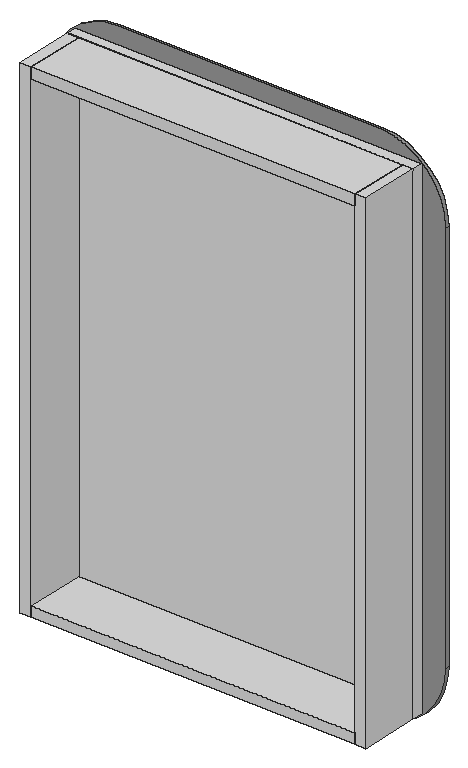
Revit family "Zara 600 Curved Mirror Cabinet", category Casework, host Wall, Revit 2024
Family settings
  Host = Wall
  OmniClass Number = 23.40.35.00
  OmniClass Title = Casework
  Always vertical = Yes
  Cut with Voids When Loaded = No
  Shared = No
  Room Calculation Point = No
Parameters (values of type "Zara 600 Curved Mirror Cabinet")
  URL = "https://www.lecicosa.co.za/product/zara-600-curved-mirror-cabinet/"
  Technical Dimensions = "W600 x H800 x D111mm"
  Product Code = "MIRZARCUR0600BS"
  Notes = "2 Shelves"
  Model = "Zara 600 Curved Mirror Cabinet"
  Mirror = Mirror
  Material = "MDF"
  Manufacturer = "Lecico SA"
  Default Elevation = 0 mm
  Created By = "Knowbility Skills lab"
  Colour = "Matt White"
  Category = "Mirror Cabinets"
  Cabinet = Cabinet
Reference planes
  plane 1: y = 0
  plane 2 "Center (Left/Right)": x = 125
  plane 3 "Back": y = 75
  plane 4: z = 1200
Text (mm)
  text "Placement side" at (-1493.551, 674.496, 0), in view "Ref. Level"
  text "Placement side" at (0, 1232.041, 2958.779), in view "Left"
  text "Placement side" at (0, 270.471, 3035.99), in view "Right"
Dimensions and locks
  locked: plane 3 "Back" to host wall
  aligned and locked: plane 1 to host wall
  aligned and locked: nested 1 to plane 2 "Center (Left/Right)"
  aligned and locked: host wall to nested 1
  aligned and locked: plane 4 to nested 1
Nested families
  nested 1: "Zara 600 Curved Mirror Cabinet (Family)" at (169.7, 75, 1175) x (-1, 0, 0) z (0, 0, 1), type "Zara 600 Curved Mirror Cabinet (Family)"
Definition of nested family "Zara 600 Curved Mirror Cabinet (Family)"
  Parameters (values of type "Zara 600 Curved Mirror Cabinet (Family)")
    Mirror = none
    Depth = 111 mm
    Height = 800 mm
    Width = 600 mm
    Default Elevation = 0 mm
    Cabinet = none
  Reference planes
    plane 1 "Back": y = 0
    plane 2: z = 0
    plane 3 "Center (Left/Right)": x = 44.7
    plane 4 "Front": y = -111
    plane 5 "Left": x = -255.3
    plane 6 "Right": x = 344.7
    plane 7 "Top": z = 800
    plane 8 "2": x = -217.8
    plane 9 "3": x = 307.2
    plane 10 "4": y = -107
    plane 11 "5": y = -91
    plane 12: z = 25
    plane 13 "6": z = 775
  Forms (mm)
    Extrusion 1, solid, material <- "Cabinet"
      sketch origin (0, 0, 0) x (1, 0, 0) y (0, 1, 0)
        loop
          line (-217.8, 0) -> (-217.8, -91) -> (-201.8, -91) -> (-201.8, 0) -> (-217.8, 0)
        loop
          line (291.2, 0) -> (291.2, -91) -> (307.2, -91) -> (307.2, 0) -> (291.2, 0)
      from 25 to 775
    Extrusion 2, solid, material <- "Cabinet"
      sketch origin (44.7, 0, 0) x (0, 1, 0) y (0, 0, 1)
        loop
          line (0, 775) -> (-91, 775) -> (-91, 759) -> (0, 759) -> (0, 775)
        loop
          line (0, 41) -> (-91, 41) -> (-91, 25) -> (0, 25) -> (0, 41)
      from -246.5 to 246.5
    Extrusion 3, solid, material <- "Cabinet"
      sketch origin (0, -111, 0) x (1, 0, 0) y (0, 0, 1)
        loop
          line (-217.8, 775) -> (-217.8, 25) -> (307.2, 25) -> (307.2, 775) -> (-217.8, 775)
      from -20 to -4
    Extrusion 4, solid, material <- "Mirror"
      sketch origin (0, -111, 0) x (1, 0, 0) y (0, 0, 1)
        loop
          arc (-155.3, 800) -> (-226.01, 770.711) -> (-255.3, 700) r 100
          line (-255.3, 700) -> (-255.3, 100)
          arc (-255.3, 100) -> (-226.01, 29.289) -> (-155.3, 0) r 100
          line (-155.3, 0) -> (244.7, 0)
          arc (244.7, 0) -> (315.411, 29.289) -> (344.7, 100) r 100
          line (344.7, 100) -> (344.7, 700)
          arc (344.7, 700) -> (315.411, 770.711) -> (244.7, 800) r 100
          line (244.7, 800) -> (-155.3, 800)
      from -4 to 0
  Dimensions and locks
    "Width": plane 6 "Right" to plane 5 "Left"
    equal spacing: plane 6 "Right", plane 3 "Center (Left/Right)", plane 5 "Left"
    "Depth": plane 4 "Front" to plane 1 "Back"
    "Height": level to plane 7 "Top"
    aligned and locked: level to plane 2
    aligned and locked: plane 1 "Back" to Extrusion 1 sketch curve
    aligned and locked: plane 8 "2" to Extrusion 1 sketch curve
    aligned and locked: Extrusion 1 sketch curve to plane 11 "5"
    aligned and locked: Extrusion 1 to plane 12
    aligned and locked: Extrusion 1 to plane 13 "6"
    aligned and locked: Extrusion 2 to Extrusion 1  (x2)
    aligned and locked: Extrusion 3 sketch curve to Extrusion 1  (x4)
    aligned and locked: Extrusion 3 to plane 11 "5"
    aligned and locked: plane 10 "4" to Extrusion 3
    aligned and locked: Extrusion 4 to plane 10 "4"
    aligned and locked: plane 4 "Front" to Extrusion 4
  Automatic sketch dimensions
    plane 1 "Back" to Extrusion 1 sketch curve = 0 mm
    plane 11 "5" to Extrusion 1 sketch curve = 0 mm
    Extrusion 1 sketch curve to plane 9 "3" = 0 mm
    Extrusion 1 sketch curve to Extrusion 1 sketch curve = 16 mm
    Extrusion 1 sketch curve to plane 9 "3" = 16 mm
    Extrusion 2 sketch curve to plane 11 "5" = 0 mm  (x2)
    Extrusion 2 sketch curve to plane 1 "Back" = 0 mm  (x2)
    Extrusion 2 sketch curve to plane 12 = 0 mm
    plane 13 "6" to Extrusion 2 sketch curve = 0 mm
    plane 12 to Extrusion 2 sketch curve = 16 mm
    Extrusion 2 sketch curve to Extrusion 2 sketch curve = 16 mm
    Extrusion 4 sketch curve to plane 5 "Left" = 0 mm
    Extrusion 4 sketch curve to level = 0 mm
    Extrusion 4 sketch curve to plane 7 "Top" = 0 mm
    Extrusion 4 sketch curve to plane 6 "Right" = 0 mm
    plane 8 "2" to Extrusion 4 sketch curve = 62.5 mm  (x2)
    Extrusion 4 sketch curve to plane 9 "3" = 62.5 mm  (x2)
